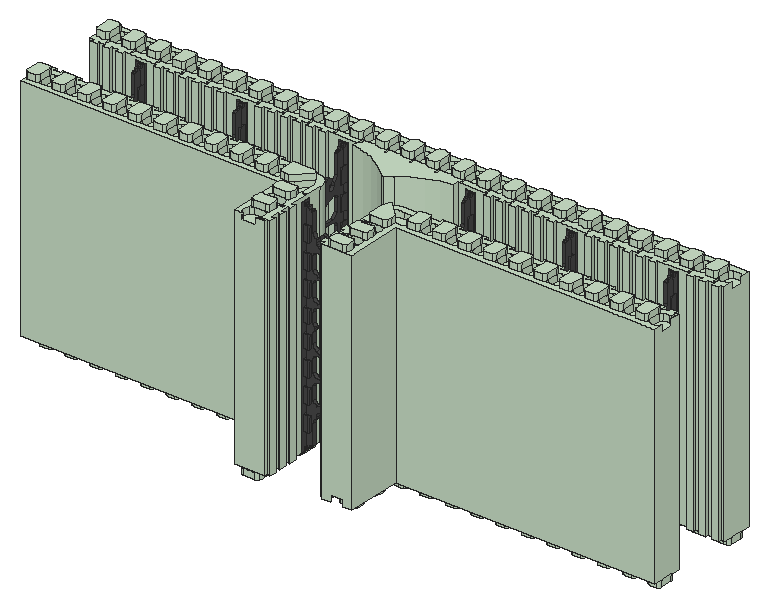
Revit family (continued)
Nested families (in)
  nested 104: "NUDURA Diamond Pattern" at (-25, 9.25254, 0), type "NUDURA Diamond Pattern"
  nested 105: "NUDURA Diamond Pattern" at (-17, 9.25254, 0), type "NUDURA Diamond Pattern"
  nested 106: "NUDURA Diamond Pattern" at (17, -1.99746, 0) x (-1, 0, 0) z (0, 0, 1), type "NUDURA Diamond Pattern"
  nested 107: "NUDURA Diamond Pattern" at (25, -1.99746, 0) x (-1, 0, 0) z (0, 0, 1), type "NUDURA Diamond Pattern"
  nested 108: "NUDURA Logo Diamond" at (9.00256, -5.62244, 0), type "NUDURA Logo Diamond"
  nested 109: "NUDURA Logo Diamond" at (-32.99744, -5.62244, 0), type "NUDURA Logo Diamond"
  nested 110: "NUDURA Diamond Pattern" at (-17, 0.00256, 0), type "NUDURA Diamond Pattern"
  nested 111: "NUDURA Diamond Pattern" at (9, 0.00256, 0), type "NUDURA Diamond Pattern"
  nested 112: "NUDURA Diamond Pattern Missing Left Line" at (1, 0.00256, 0), type "NUDURA Diamond Pattern missing left line"
  nested 113: "4-inch Insert Web" at (-21, -1, 0), type "4-inch Insert Web"
  nested 114: "4-inch Insert Web" at (-13, -1, 0), type "4-inch Insert Web"
  nested 115: "4-inch Insert Web" at (-5, -1, 0), type "4-inch Insert Web"
  nested 116: "4-inch Insert Web" at (5, -1, 0), type "4-inch Insert Web"
  nested 117: "4-inch Insert Web" at (13, -1, 0), type "4-inch Insert Web"
  nested 118: "4-inch Insert Web" at (21, -1, 0), type "4-inch Insert Web"
  nested 119: "4-inch Insert Web" at (0, -5.99998, 0) x (0, 1, 0) z (0, 0, 1), type "4-inch Insert Web"
Definition of nested family "Interlock Tooth"
  Reference planes (in)
    plane 1 "Center (Front/Back)": y = 0
    plane 2: z = 0
    plane 3 "Center (Left/Right)": x = 0
    plane 4: z = 18
    plane 5: z = 18.5
    plane 6: z = -0.5
  Forms (in)
    Extrusion 1, solid, material "NUDURA Expanded Polystyrene Foam Insulation"
      sketch origin (0, -8.875, 0) x (1, 0, 0) y (0, 1, 0)
        loop
          arc (0, 3.97692) -> (0.04785, 3.82983) -> (0.17308, 3.73905) r 0.25
          arc (0.17308, 3.73905) -> (0.5, 3.6875) -> (0.82692, 3.73905) r 1.0625
          arc (0.82692, 3.73905) -> (0.95215, 3.82983) -> (1, 3.97692) r 0.25
          line (1, 3.97692) -> (1, 4.89808)
          arc (1, 4.89808) -> (0.95215, 5.04517) -> (0.82692, 5.13595) r 0.25
          arc (0.82692, 5.13595) -> (0.5, 5.1875) -> (0.17308, 5.13595) r 1.0625
          arc (0.17308, 5.13595) -> (0.04785, 5.04517) -> (0, 4.89808) r 0.25
          line (0, 4.89808) -> (0, 3.97692)
      from 18 to 18.5
  Dimensions and locks (in)
    locked: plane 4 to level at 18
    locked: plane 4 to plane 5 at 0.5
    locked: plane 6 to level at 0.5
Definition of nested family "4-inch Insert Web"
  Reference planes (in)
    plane 1 "Center (Front/Back)": y = 0
    plane 2: z = 0
    plane 3 "Center (Left/Right)": x = 0
  Forms (in)
    Extrusion 1, solid, material "High Density Polystyrene"
      sketch origin (0, 0, 0) x (0, 1, 0) y (0, 0, 1)
        loop
          line (2.25, 0) -> (2.25, 17.74583)
          arc (2.25, 17.74583) -> (2.22112, 17.72608) -> (2.21, 17.69292) r 0.055
          line (2.21, 17.69292) -> (2.21, 0.05292)
          arc (2.21, 0.05292) -> (2.22112, 0.01975) -> (2.25, 0) r 0.055
        loop
          arc (-2.25, 0) -> (-2.22112, 0.01975) -> (-2.21, 0.05292) r 0.055
          line (-2.21, 0.05292) -> (-2.21, 17.69292)
          arc (-2.21, 17.69292) -> (-2.22112, 17.72608) -> (-2.25, 17.74583) r 0.055
          line (-2.25, 17.74583) -> (-2.25, 0)
      from 0.36328 to -0.36328
    Extrusion 2, solid, material "High Density Polystyrene"
      sketch origin (0, 0, 0) x (0, 1, 0) y (0, 0, 1)
        loop
          arc (2.18889, 17.40785) -> (2.20374, 17.40241) -> (2.21, 17.38789) r 0.02
          line (2.21, 17.38789) -> (2.21, 17.63668)
          arc (2.21, 17.63668) -> (2.20585, 17.62147) -> (2.19457, 17.61045) r 0.03
          line (2.19457, 17.61045) -> (2.12543, 17.57204)
          arc (2.12543, 17.57204) -> (2.11414, 17.56103) -> (2.11, 17.54582) r 0.03
          line (2.11, 17.54582) -> (2.11, 17.42461)
          arc (2.11, 17.42461) -> (2.11625, 17.41008) -> (2.13111, 17.40464) r 0.02
          line (2.13111, 17.40464) -> (2.18889, 17.40785)
        loop
          line (-2.12543, 17.57204) -> (-2.19457, 17.61045)
          arc (-2.19457, 17.61045) -> (-2.20585, 17.62147) -> (-2.21, 17.63668) r 0.03
          line (-2.21, 17.63668) -> (-2.21, 17.38789)
          arc (-2.21, 17.38789) -> (-2.20374, 17.40241) -> (-2.18889, 17.40785) r 0.02
          line (-2.18889, 17.40785) -> (-2.13111, 17.40464)
          arc (-2.13111, 17.40464) -> (-2.11625, 17.41008) -> (-2.11, 17.42461) r 0.02
          line (-2.11, 17.42461) -> (-2.11, 17.54582)
          arc (-2.11, 17.54582) -> (-2.11414, 17.56103) -> (-2.12543, 17.57204) r 0.03
        loop
          line (2.18889, 0.33798) -> (2.13111, 0.34119)
          arc (2.13111, 0.34119) -> (2.11625, 0.33575) -> (2.11, 0.32122) r 0.02
          line (2.11, 0.32122) -> (2.11, 0.20001)
          arc (2.11, 0.20001) -> (2.11414, 0.1848) -> (2.12543, 0.17379) r 0.03
          line (2.12543, 0.17379) -> (2.19457, 0.13538)
          arc (2.19457, 0.13538) -> (2.20585, 0.12437) -> (2.21, 0.10915) r 0.03
          line (2.21, 0.10915) -> (2.21, 0.35795)
          arc (2.21, 0.35795) -> (2.20374, 0.34342) -> (2.18889, 0.33798) r 0.02
        loop
          arc (-2.12543, 0.17379) -> (-2.11414, 0.1848) -> (-2.11, 0.20001) r 0.03
          line (-2.11, 0.20001) -> (-2.11, 0.32122)
          arc (-2.11, 0.32122) -> (-2.11625, 0.33575) -> (-2.13111, 0.34119) r 0.02
          line (-2.13111, 0.34119) -> (-2.18889, 0.33798)
          arc (-2.18889, 0.33798) -> (-2.20374, 0.34342) -> (-2.21, 0.35795) r 0.02
          line (-2.21, 0.35795) -> (-2.21, 0.10915)
          arc (-2.21, 0.10915) -> (-2.20585, 0.12437) -> (-2.19457, 0.13538) r 0.03
          line (-2.19457, 0.13538) -> (-2.12543, 0.17379)
        loop
          line (2, 17.20772) -> (1.925, 17.43772)
          arc (1.925, 17.43772) -> (1.875, 17.46772) -> (1.825, 17.43772) r 0.05667
          line (1.825, 17.43772) -> (1.77609, 17.28772) -> (1.64893, 17.28772)
          arc (1.64893, 17.28772) -> (1.61433, 17.27339) -> (1.6, 17.2388) r 0.04893
          line (1.6, 17.2388) -> (1.6, 17.20772) -> (1.5, 17.20772) -> (1.5, 15.75595)
          arc (1.5, 15.75595) -> (1.43087, 15.489) -> (1.24086, 15.28915) r 0.55
          arc (1.24086, 15.28915) -> (1.19232, 15.23289) -> (1.1843, 15.15901) r 0.125
          arc (1.1843, 15.15901) -> (0.73923, 14.83241) -> (0.77171, 15.3835) r 0.305
          arc (0.77171, 15.3835) -> (0.88403, 15.69146) -> (0.56557, 15.7692) r 0.22
          arc (0.56557, 15.7692) -> (0.29606, 15.63872) -> (0, 15.59389) r 1
          arc (0, 15.59389) -> (-0.29606, 15.63872) -> (-0.56557, 15.7692) r 1
          arc (-0.56557, 15.7692) -> (-0.88403, 15.69146) -> (-0.77171, 15.3835) r 0.22
          arc (-0.77171, 15.3835) -> (-0.73923, 14.83241) -> (-1.1843, 15.15901) r 0.305
          arc (-1.1843, 15.15901) -> (-1.19232, 15.23289) -> (-1.24086, 15.28915) r 0.125
          arc (-1.24086, 15.28915) -> (-1.43087, 15.489) -> (-1.5, 15.75595) r 0.55
          line (-1.5, 15.75595) -> (-1.5, 17.20772) -> (-1.6, 17.20772) -> (-1.6, 17.2388)
          arc (-1.6, 17.2388) -> (-1.61433, 17.27339) -> (-1.64893, 17.28772) r 0.04893
          line (-1.64893, 17.28772) -> (-1.77609, 17.28772) -> (-1.825, 17.43772)
          arc (-1.825, 17.43772) -> (-1.875, 17.46772) -> (-1.925, 17.43772) r 0.05667
          line (-1.925, 17.43772) -> (-2, 17.20772) -> (-2, 0.66519) -> (-1.925, 0.43519)
          arc (-1.925, 0.43519) -> (-1.875, 0.40519) -> (-1.825, 0.43519) r 0.05667
          line (-1.825, 0.43519) -> (-1.77609, 0.58519) -> (-1.64893, 0.58519)
          arc (-1.64893, 0.58519) -> (-1.61433, 0.59952) -> (-1.6, 0.63412) r 0.04893
          line (-1.6, 0.63412) -> (-1.6, 0.66519) -> (-1.5, 0.66519) -> (-1.5, 2.24405)
          arc (-1.5, 2.24405) -> (-1.43087, 2.511) -> (-1.24086, 2.71085) r 0.55
          arc (-1.24086, 2.71085) -> (-1.19232, 2.76711) -> (-1.1843, 2.84099) r 0.125
          arc (-1.1843, 2.84099) -> (-0.73923, 3.16759) -> (-0.77171, 2.6165) r 0.305
          arc (-0.77171, 2.6165) -> (-0.88403, 2.30854) -> (-0.56557, 2.2308) r 0.22
          arc (-0.56557, 2.2308) -> (-0.29606, 2.36128) -> (0, 2.40611) r 1
          arc (0, 2.40611) -> (0.29606, 2.36128) -> (0.56557, 2.2308) r 1
          arc (0.56557, 2.2308) -> (0.88403, 2.30854) -> (0.77171, 2.6165) r 0.22
          arc (0.77171, 2.6165) -> (0.73923, 3.16759) -> (1.1843, 2.84099) r 0.305
          arc (1.1843, 2.84099) -> (1.19232, 2.76711) -> (1.24086, 2.71085) r 0.125
          arc (1.24086, 2.71085) -> (1.43087, 2.511) -> (1.5, 2.24405) r 0.55
          line (1.5, 2.24405) -> (1.5, 0.66519) -> (1.6, 0.66519) -> (1.6, 0.63412)
          arc (1.6, 0.63412) -> (1.61433, 0.59952) -> (1.64893, 0.58519) r 0.04893
          line (1.64893, 0.58519) -> (1.77609, 0.58519) -> (1.825, 0.43519)
          arc (1.825, 0.43519) -> (1.875, 0.40519) -> (1.925, 0.43519) r 0.05667
          line (1.925, 0.43519) -> (2, 0.66519) -> (2, 17.20772)
        loop
          line (1.103, 14.44673) -> (0.32953, 14.08475)
          arc (0.32953, 14.08475) -> (0.17093, 13.84564) -> (0.06, 13.58104) r 1.52295
          line (0.06, 13.58104) -> (0.06, 13.02037)
          arc (0.06, 13.02037) -> (0.17285, 12.82194) -> (0.3725, 12.71127) r 0.42217
          line (0.3725, 12.71127) -> (1.125, 12.71127)
          arc (1.125, 12.71127) -> (1.35049, 12.86078) -> (1.5, 13.08627) r 0.68126
          line (1.5, 13.08627) -> (1.5, 14.11451)
          arc (1.5, 14.11451) -> (1.35557, 14.34523) -> (1.103, 14.44673) r 0.43974
        loop
          arc (-1.103, 14.44673) -> (-1.35557, 14.34523) -> (-1.5, 14.11451) r 0.43974
          line (-1.5, 14.11451) -> (-1.5, 13.08627)
          arc (-1.5, 13.08627) -> (-1.35049, 12.86078) -> (-1.125, 12.71127) r 0.68126
          line (-1.125, 12.71127) -> (-0.3725, 12.71127)
          arc (-0.3725, 12.71127) -> (-0.17285, 12.82194) -> (-0.06, 13.02037) r 0.42217
          line (-0.06, 13.02037) -> (-0.06, 13.58104)
          arc (-0.06, 13.58104) -> (-0.17093, 13.84564) -> (-0.32953, 14.08475) r 1.52295
          line (-0.32953, 14.08475) -> (-1.103, 14.44673)
        loop
          arc (1.103, 10.7958) -> (1.35557, 10.89731) -> (1.5, 11.12803) r 0.43974
          line (1.5, 11.12803) -> (1.5, 12.15627)
          arc (1.5, 12.15627) -> (1.35049, 12.38175) -> (1.125, 12.53127) r 0.68126
          line (1.125, 12.53127) -> (0.3725, 12.53127)
          arc (0.3725, 12.53127) -> (0.17285, 12.42059) -> (0.06, 12.22217) r 0.42217
          line (0.06, 12.22217) -> (0.06, 11.6615)
          arc (0.06, 11.6615) -> (0.17093, 11.39689) -> (0.32953, 11.15779) r 1.52295
          line (0.32953, 11.15779) -> (1.103, 10.7958)
        loop
          line (-1.103, 10.7958) -> (-0.32953, 11.15779)
          arc (-0.32953, 11.15779) -> (-0.17093, 11.39689) -> (-0.06, 11.6615) r 1.52295
          line (-0.06, 11.6615) -> (-0.06, 12.22217)
          arc (-0.06, 12.22217) -> (-0.17285, 12.42059) -> (-0.3725, 12.53127) r 0.42217
          line (-0.3725, 12.53127) -> (-1.125, 12.53127)
          arc (-1.125, 12.53127) -> (-1.35049, 12.38175) -> (-1.5, 12.15627) r 0.68126
          line (-1.5, 12.15627) -> (-1.5, 11.12803)
          arc (-1.5, 11.12803) -> (-1.35557, 10.89731) -> (-1.103, 10.7958) r 0.43974
        loop
          arc (0.42388, 10.91489) -> (0.21712, 10.98532) -> (0, 11.00917) r 1
          arc (0, 11.00917) -> (-0.21712, 10.98532) -> (-0.42388, 10.91489) r 1
          line (-0.42388, 10.91489) -> (-1.21194, 10.54608)
          arc (-1.21194, 10.54608) -> (-1.42188, 10.36158) -> (-1.5, 10.09322) r 0.5
          line (-1.5, 10.09322) -> (-1.5, 9.31235) -> (-1.38, 9.11235) -> (-1.38, 9) -> (-1.38, 8.88765) -> (-1.5, 8.68765) -> (-1.5, 7.90678)
          arc (-1.5, 7.90678) -> (-1.42188, 7.63842) -> (-1.21194, 7.45392) r 0.5
          line (-1.21194, 7.45392) -> (-0.42388, 7.08511)
          arc (-0.42388, 7.08511) -> (-0.21712, 7.01468) -> (0, 6.99083) r 1
          arc (0, 6.99083) -> (0.21712, 7.01468) -> (0.42388, 7.08511) r 1
          line (0.42388, 7.08511) -> (1.21194, 7.45392)
          arc (1.21194, 7.45392) -> (1.42188, 7.63842) -> (1.5, 7.90678) r 0.5
          line (1.5, 7.90678) -> (1.5, 8.68765) -> (1.38, 8.88765) -> (1.38, 9) -> (1.38, 9.11235) -> (1.5, 9.31235) -> (1.5, 10.09322)
          arc (1.5, 10.09322) -> (1.42188, 10.36158) -> (1.21194, 10.54608) r 0.5
          line (1.21194, 10.54608) -> (0.42388, 10.91489)
        loop
          arc (1.103, 3.55327) -> (1.35557, 3.65477) -> (1.5, 3.88549) r 0.43974
          line (1.5, 3.88549) -> (1.5, 4.91373)
          arc (1.5, 4.91373) -> (1.35049, 5.13922) -> (1.125, 5.28873) r 0.68126
          line (1.125, 5.28873) -> (0.3725, 5.28873)
          arc (0.3725, 5.28873) -> (0.17285, 5.17806) -> (0.06, 4.97963) r 0.42217
          line (0.06, 4.97963) -> (0.06, 4.41896)
          arc (0.06, 4.41896) -> (0.17093, 4.15436) -> (0.32953, 3.91525) r 1.52295
          line (0.32953, 3.91525) -> (1.103, 3.55327)
        loop
          line (-1.103, 3.55327) -> (-0.32953, 3.91525)
          arc (-0.32953, 3.91525) -> (-0.17093, 4.15436) -> (-0.06, 4.41896) r 1.52295
          line (-0.06, 4.41896) -> (-0.06, 4.97963)
          arc (-0.06, 4.97963) -> (-0.17285, 5.17806) -> (-0.3725, 5.28873) r 0.42217
          line (-0.3725, 5.28873) -> (-1.125, 5.28873)
          arc (-1.125, 5.28873) -> (-1.35049, 5.13922) -> (-1.5, 4.91373) r 0.68126
          line (-1.5, 4.91373) -> (-1.5, 3.88549)
          arc (-1.5, 3.88549) -> (-1.35557, 3.65477) -> (-1.103, 3.55327) r 0.43974
        loop
          line (1.103, 7.2042) -> (0.32953, 6.84221)
          arc (0.32953, 6.84221) -> (0.17093, 6.60311) -> (0.06, 6.3385) r 1.52295
          line (0.06, 6.3385) -> (0.06, 5.77783)
          arc (0.06, 5.77783) -> (0.17285, 5.57941) -> (0.3725, 5.46873) r 0.42217
          line (0.3725, 5.46873) -> (1.125, 5.46873)
          arc (1.125, 5.46873) -> (1.35049, 5.61825) -> (1.5, 5.84373) r 0.68126
          line (1.5, 5.84373) -> (1.5, 6.87197)
          arc (1.5, 6.87197) -> (1.35557, 7.10269) -> (1.103, 7.2042) r 0.43974
        loop
          arc (-1.103, 7.2042) -> (-1.35557, 7.10269) -> (-1.5, 6.87197) r 0.43974
          line (-1.5, 6.87197) -> (-1.5, 5.84373)
          arc (-1.5, 5.84373) -> (-1.35049, 5.61825) -> (-1.125, 5.46873) r 0.68126
          line (-1.125, 5.46873) -> (-0.3725, 5.46873)
          arc (-0.3725, 5.46873) -> (-0.17285, 5.57941) -> (-0.06, 5.77783) r 0.42217
          line (-0.06, 5.77783) -> (-0.06, 6.3385)
          arc (-0.06, 6.3385) -> (-0.17093, 6.60311) -> (-0.32953, 6.84221) r 1.52295
          line (-0.32953, 6.84221) -> (-1.103, 7.2042)
      from 0.125 to -0.125
    Extrusion 3, solid, material "High Density Polystyrene"
      sketch origin (0, 0, 0) x (0, 1, 0) y (0, 0, 1)
        loop
          line (2.21, 16.17792) -> (1.71, 16.17792) -> (1.71, 14.97792) -> (2.21, 14.97792) -> (2.21, 16.17792)
        loop
          line (2.21, 14.22792) -> (1.71, 14.22792) -> (1.71, 13.02792) -> (2.21, 13.02792) -> (2.21, 14.22792)
        loop
          line (2.21, 12.27792) -> (1.71, 12.27792) -> (1.71, 11.07792) -> (2.21, 11.07792) -> (2.21, 12.27792)
        loop
          line (2.21, 10.32792) -> (1.71, 10.32792) -> (1.71, 9.24792) -> (2.21, 9.24792) -> (2.21, 10.32792)
        loop
          line (2.21, 8.49792) -> (1.71, 8.49792) -> (1.71, 7.41792) -> (2.21, 7.41792) -> (2.21, 8.49792)
        loop
          line (2.21, 6.66792) -> (1.71, 6.66792) -> (1.71, 5.46792) -> (2.21, 5.46792) -> (2.21, 6.66792)
        loop
          line (2.21, 4.71792) -> (1.71, 4.71792) -> (1.71, 3.51792) -> (2.21, 3.51792) -> (2.21, 4.71792)
        loop
          line (2.21, 2.76792) -> (1.71, 2.76792) -> (1.71, 1.56792) -> (2.21, 1.56792) -> (2.21, 2.76792)
        loop
          line (-2.21, 16.17792) -> (-2.21, 14.97792) -> (-1.71, 14.97792) -> (-1.71, 16.17792) -> (-2.21, 16.17792)
        loop
          line (-2.21, 14.22792) -> (-2.21, 13.02792) -> (-1.71, 13.02792) -> (-1.71, 14.22792) -> (-2.21, 14.22792)
        loop
          line (-2.21, 12.27792) -> (-2.21, 11.07792) -> (-1.71, 11.07792) -> (-1.71, 12.27792) -> (-2.21, 12.27792)
        loop
          line (-2.21, 10.32792) -> (-2.21, 9.24792) -> (-1.71, 9.24792) -> (-1.71, 10.32792) -> (-2.21, 10.32792)
        loop
          line (-2.21, 8.49792) -> (-2.21, 7.41792) -> (-1.71, 7.41792) -> (-1.71, 8.49792) -> (-2.21, 8.49792)
        loop
          line (-2.21, 6.66792) -> (-2.21, 5.46792) -> (-1.71, 5.46792) -> (-1.71, 6.66792) -> (-2.21, 6.66792)
        loop
          line (-2.21, 4.71792) -> (-2.21, 3.51792) -> (-1.71, 3.51792) -> (-1.71, 4.71792) -> (-2.21, 4.71792)
        loop
          line (-2.21, 2.76792) -> (-2.21, 1.56792) -> (-1.71, 1.56792) -> (-1.71, 2.76792) -> (-2.21, 2.76792)
      from 0.25 to -0.25
    Extrusion 4, void
      sketch origin (0, -1, 0) x (1, 0, 0) y (0, 1, 0)
        loop
          line (-0.25, 2.79249) -> (-0.25, 2.71) -> (-0.1675, 2.71)
          arc (-0.1675, 2.71) -> (-0.22584, 2.73416) -> (-0.25, 2.79249) r 0.0825
      from 0 to 18
    Extrusion 5, void
      sketch origin (0, -1, 0) x (-1, 0, 0) y (0, -1, 0)
        loop
          arc (-0.25, -2.79249) -> (-0.22584, -2.73416) -> (-0.1675, -2.71) r 0.0825
          line (-0.1675, -2.71) -> (-0.25, -2.71) -> (-0.25, -2.79249)
      from 0 to 18
    Extrusion 6, void
      sketch origin (0, 1, 0) x (1, 0, 0) y (0, 1, 0)
        loop
          arc (-0.25, -2.79249) -> (-0.22584, -2.73416) -> (-0.1675, -2.71) r 0.0825
          line (-0.1675, -2.71) -> (-0.25, -2.71) -> (-0.25, -2.79249)
      from 0 to 18
    Extrusion 7, void
      sketch origin (0, 1, 0) x (-1, 0, 0) y (0, -1, 0)
        loop
          line (-0.25, 2.79249) -> (-0.25, 2.71) -> (-0.1675, 2.71)
          arc (-0.1675, 2.71) -> (-0.22584, 2.73416) -> (-0.25, 2.79249) r 0.0825
      from 0 to 18
  Cuts and joins
    Extrusion 4, Extrusion 5, Extrusion 6, Extrusion 7 cuts Extrusion 1
    Extrusion 4, Extrusion 5, Extrusion 6, Extrusion 7 cuts Extrusion 3
Definition of nested family "NUDURA Diamond Pattern Missing Two Lines"
  Reference planes (in)
    plane 1 "Center (Front/Back)": y = 0
    plane 2: z = 0
    plane 3 "Center (Left/Right)": x = 0
    plane 4: z = 18
  Lines and regions (in)
    model lines
      curve 1: line (2, -5.625, 18) -> (2, -5.625, 0)
      curve 2: line (3.35367, -5.625, 16.98484) -> (3.69709, -5.625, 16.64142)
      curve 3: arc (3.35367, -5.625, 17.51517) -> (3.24384, -5.625, 17.25) -> (3.35367, -5.625, 16.98484) r 0.375
      curve 4: line (3.72867, -5.625, 17.89017) -> (3.35367, -5.625, 17.51517)
      curve 5: arc (4.259, -5.625, 17.89017) -> (3.99384, -5.625, 18) -> (3.72867, -5.625, 17.89017) r 0.375
      curve 6: line (4.634, -5.625, 17.51517) -> (4.259, -5.625, 17.89017)
      curve 7: arc (4.634, -5.625, 16.98484) -> (4.74384, -5.625, 17.25) -> (4.634, -5.625, 17.51517) r 0.375
      curve 8: line (4.29059, -5.625, 16.64142) -> (4.634, -5.625, 16.98484)
      curve 9: arc (4.17062, -5.625, 17.80178) -> (3.99384, -5.625, 17.875) -> (3.81706, -5.625, 17.80178) r 0.25
      curve 10: line (4.54562, -5.625, 17.42678) -> (4.17062, -5.625, 17.80178)
      curve 11: arc (4.54562, -5.625, 17.07322) -> (4.61884, -5.625, 17.25) -> (4.54562, -5.625, 17.42678) r 0.25
      curve 12: line (4.17062, -5.625, 16.69822) -> (4.54562, -5.625, 17.07322)
      curve 13: arc (3.81706, -5.625, 16.69822) -> (3.99384, -5.625, 16.625) -> (4.17062, -5.625, 16.69822) r 0.25
      curve 14: line (3.44206, -5.625, 17.07322) -> (3.81706, -5.625, 16.69822)
      curve 15: arc (3.44206, -5.625, 17.42678) -> (3.36884, -5.625, 17.25) -> (3.44206, -5.625, 17.07322) r 0.25
      curve 16: line (3.81706, -5.625, 17.80178) -> (3.44206, -5.625, 17.42678)
      curve 17: arc (3.69709, -5.625, 16.35858) -> (3.75567, -5.625, 16.5) -> (3.69709, -5.625, 16.64142) r 0.2
      curve 18: line (4.634, -5.625, 16.01517) -> (4.29059, -5.625, 16.35858)
      curve 19: arc (4.634, -5.625, 15.48484) -> (4.74384, -5.625, 15.75) -> (4.634, -5.625, 16.01517) r 0.375
      curve 20: line (4.29059, -5.625, 15.14142) -> (4.634, -5.625, 15.48484)
      curve 21: line (3.35367, -5.625, 15.48484) -> (3.69709, -5.625, 15.14142)
      curve 22: arc (3.35367, -5.625, 16.01517) -> (3.24384, -5.625, 15.75) -> (3.35367, -5.625, 15.48484) r 0.375
      curve 23: line (3.69709, -5.625, 16.35858) -> (3.35367, -5.625, 16.01517)
      curve 24: arc (4.17062, -5.625, 16.30178) -> (3.99384, -5.625, 16.375) -> (3.81706, -5.625, 16.30178) r 0.25
      curve 25: line (3.81706, -5.625, 16.30178) -> (3.44206, -5.625, 15.92678)
      curve 26: arc (3.44206, -5.625, 15.92678) -> (3.36884, -5.625, 15.75) -> (3.44206, -5.625, 15.57322) r 0.25
      curve 27: line (3.44206, -5.625, 15.57322) -> (3.81706, -5.625, 15.19822)
      curve 28: arc (3.81706, -5.625, 15.19822) -> (3.99384, -5.625, 15.125) -> (4.17062, -5.625, 15.19822) r 0.25
      curve 29: line (4.17062, -5.625, 15.19822) -> (4.54562, -5.625, 15.57322)
      curve 30: arc (4.54562, -5.625, 15.57322) -> (4.61884, -5.625, 15.75) -> (4.54562, -5.625, 15.92678) r 0.25
      curve 31: line (4.54562, -5.625, 15.92678) -> (4.17062, -5.625, 16.30178)
      curve 32: arc (3.69709, -5.625, 14.85858) -> (3.75567, -5.625, 15) -> (3.69709, -5.625, 15.14142) r 0.2
      curve 33: line (4.634, -5.625, 14.51517) -> (4.29059, -5.625, 14.85858)
      curve 34: arc (4.634, -5.625, 13.98484) -> (4.74384, -5.625, 14.25) -> (4.634, -5.625, 14.51517) r 0.375
      curve 35: line (4.29059, -5.625, 13.64142) -> (4.634, -5.625, 13.98484)
      curve 36: line (3.35367, -5.625, 13.98484) -> (3.69709, -5.625, 13.64142)
      curve 37: arc (3.35367, -5.625, 14.51517) -> (3.24384, -5.625, 14.25) -> (3.35367, -5.625, 13.98484) r 0.375
      curve 38: line (3.69709, -5.625, 14.85858) -> (3.35367, -5.625, 14.51517)
      curve 39: arc (4.17062, -5.625, 14.80178) -> (3.99384, -5.625, 14.875) -> (3.81706, -5.625, 14.80178) r 0.25
      curve 40: line (3.81706, -5.625, 14.80178) -> (3.44206, -5.625, 14.42678)
      curve 41: arc (3.44206, -5.625, 14.42678) -> (3.36884, -5.625, 14.25) -> (3.44206, -5.625, 14.07322) r 0.25
      curve 42: line (3.44206, -5.625, 14.07322) -> (3.81706, -5.625, 13.69822)
      curve 43: arc (3.81706, -5.625, 13.69822) -> (3.99384, -5.625, 13.625) -> (4.17062, -5.625, 13.69822) r 0.25
      curve 44: line (4.17062, -5.625, 13.69822) -> (4.54562, -5.625, 14.07322)
      curve 45: arc (4.54562, -5.625, 14.07322) -> (4.61884, -5.625, 14.25) -> (4.54562, -5.625, 14.42678) r 0.25
      curve 46: line (4.54562, -5.625, 14.42678) -> (4.17062, -5.625, 14.80178)
      curve 47: arc (3.69709, -5.625, 13.35858) -> (3.75567, -5.625, 13.5) -> (3.69709, -5.625, 13.64142) r 0.2
      curve 48: line (4.634, -5.625, 13.01517) -> (4.29059, -5.625, 13.35858)
      curve 49: arc (4.634, -5.625, 12.48484) -> (4.74384, -5.625, 12.75) -> (4.634, -5.625, 13.01517) r 0.375
      curve 50: line (4.29059, -5.625, 12.14142) -> (4.634, -5.625, 12.48484)
      curve 51: line (3.35367, -5.625, 12.48484) -> (3.69709, -5.625, 12.14142)
      curve 52: arc (3.35367, -5.625, 13.01517) -> (3.24384, -5.625, 12.75) -> (3.35367, -5.625, 12.48484) r 0.375
      curve 53: line (3.69709, -5.625, 13.35858) -> (3.35367, -5.625, 13.01517)
      curve 54: arc (4.17062, -5.625, 13.30178) -> (3.99384, -5.625, 13.375) -> (3.81706, -5.625, 13.30178) r 0.25
      curve 55: line (3.81706, -5.625, 13.30178) -> (3.44206, -5.625, 12.92678)
      curve 56: arc (3.44206, -5.625, 12.92678) -> (3.36884, -5.625, 12.75) -> (3.44206, -5.625, 12.57322) r 0.25
      curve 57: line (3.44206, -5.625, 12.57322) -> (3.81706, -5.625, 12.19822)
      curve 58: arc (3.81706, -5.625, 12.19822) -> (3.99384, -5.625, 12.125) -> (4.17062, -5.625, 12.19822) r 0.25
      curve 59: line (4.17062, -5.625, 12.19822) -> (4.54562, -5.625, 12.57322)
      curve 60: arc (4.54562, -5.625, 12.57322) -> (4.61884, -5.625, 12.75) -> (4.54562, -5.625, 12.92678) r 0.25
      curve 61: line (4.54562, -5.625, 12.92678) -> (4.17062, -5.625, 13.30178)
      curve 62: arc (3.69709, -5.625, 11.85858) -> (3.75567, -5.625, 12) -> (3.69709, -5.625, 12.14142) r 0.2
      curve 63: line (4.634, -5.625, 11.51517) -> (4.29059, -5.625, 11.85858)
      curve 64: arc (4.634, -5.625, 10.98484) -> (4.74384, -5.625, 11.25) -> (4.634, -5.625, 11.51517) r 0.375
      curve 65: line (4.29059, -5.625, 10.64142) -> (4.634, -5.625, 10.98484)
      curve 66: line (3.35367, -5.625, 10.98484) -> (3.69709, -5.625, 10.64142)
      curve 67: arc (3.35367, -5.625, 11.51517) -> (3.24384, -5.625, 11.25) -> (3.35367, -5.625, 10.98484) r 0.375
      curve 68: line (3.69709, -5.625, 11.85858) -> (3.35367, -5.625, 11.51517)
      curve 69: arc (4.17062, -5.625, 11.80178) -> (3.99384, -5.625, 11.875) -> (3.81706, -5.625, 11.80178) r 0.25
      curve 70: line (3.81706, -5.625, 11.80178) -> (3.44206, -5.625, 11.42678)
      curve 71: arc (3.44206, -5.625, 11.42678) -> (3.36884, -5.625, 11.25) -> (3.44206, -5.625, 11.07322) r 0.25
      curve 72: line (3.44206, -5.625, 11.07322) -> (3.81706, -5.625, 10.69822)
      curve 73: arc (3.81706, -5.625, 10.69822) -> (3.99384, -5.625, 10.625) -> (4.17062, -5.625, 10.69822) r 0.25
      curve 74: line (4.17062, -5.625, 10.69822) -> (4.54562, -5.625, 11.07322)
      curve 75: arc (4.54562, -5.625, 11.07322) -> (4.61884, -5.625, 11.25) -> (4.54562, -5.625, 11.42678) r 0.25
      curve 76: line (4.54562, -5.625, 11.42678) -> (4.17062, -5.625, 11.80178)
      curve 77: arc (3.69709, -5.625, 10.35858) -> (3.75567, -5.625, 10.5) -> (3.69709, -5.625, 10.64142) r 0.2
      curve 78: line (4.634, -5.625, 10.01517) -> (4.29059, -5.625, 10.35858)
      curve 79: arc (4.634, -5.625, 9.48484) -> (4.74384, -5.625, 9.75) -> (4.634, -5.625, 10.01517) r 0.375
      curve 80: line (4.29059, -5.625, 9.14142) -> (4.634, -5.625, 9.48484)
      curve 81: line (3.35367, -5.625, 9.48484) -> (3.69709, -5.625, 9.14142)
      curve 82: arc (3.35367, -5.625, 10.01517) -> (3.24384, -5.625, 9.75) -> (3.35367, -5.625, 9.48484) r 0.375
      curve 83: line (3.69709, -5.625, 10.35858) -> (3.35367, -5.625, 10.01517)
      curve 84: arc (4.17062, -5.625, 10.30178) -> (3.99384, -5.625, 10.375) -> (3.81706, -5.625, 10.30178) r 0.25
      curve 85: line (3.81706, -5.625, 10.30178) -> (3.44206, -5.625, 9.92678)
      curve 86: arc (3.44206, -5.625, 9.92678) -> (3.36884, -5.625, 9.75) -> (3.44206, -5.625, 9.57322) r 0.25
      curve 87: line (3.44206, -5.625, 9.57322) -> (3.81706, -5.625, 9.19822)
      curve 88: arc (3.81706, -5.625, 9.19822) -> (3.99384, -5.625, 9.125) -> (4.17062, -5.625, 9.19822) r 0.25
      curve 89: line (4.17062, -5.625, 9.19822) -> (4.54562, -5.625, 9.57322)
      curve 90: arc (4.54562, -5.625, 9.57322) -> (4.61884, -5.625, 9.75) -> (4.54562, -5.625, 9.92678) r 0.25
      curve 91: line (4.54562, -5.625, 9.92678) -> (4.17062, -5.625, 10.30178)
      curve 92: arc (3.69709, -5.625, 8.85858) -> (3.75567, -5.625, 9) -> (3.69709, -5.625, 9.14142) r 0.2
      curve 93: line (4.634, -5.625, 8.51517) -> (4.29059, -5.625, 8.85858)
      curve 94: arc (4.634, -5.625, 7.98484) -> (4.74384, -5.625, 8.25) -> (4.634, -5.625, 8.51517) r 0.375
      curve 95: line (4.29059, -5.625, 7.64142) -> (4.634, -5.625, 7.98484)
      curve 96: line (3.35367, -5.625, 7.98484) -> (3.69709, -5.625, 7.64142)
      curve 97: arc (3.35367, -5.625, 8.51517) -> (3.24384, -5.625, 8.25) -> (3.35367, -5.625, 7.98484) r 0.375
      curve 98: line (3.69709, -5.625, 8.85858) -> (3.35367, -5.625, 8.51517)
      curve 99: arc (4.17062, -5.625, 8.80178) -> (3.99384, -5.625, 8.875) -> (3.81706, -5.625, 8.80178) r 0.25
      curve 100: line (3.81706, -5.625, 8.80178) -> (3.44206, -5.625, 8.42678)
      curve 101: arc (3.44206, -5.625, 8.42678) -> (3.36884, -5.625, 8.25) -> (3.44206, -5.625, 8.07322) r 0.25
      curve 102: line (3.44206, -5.625, 8.07322) -> (3.81706, -5.625, 7.69822)
      curve 103: arc (3.81706, -5.625, 7.69822) -> (3.99384, -5.625, 7.625) -> (4.17062, -5.625, 7.69822) r 0.25
      curve 104: line (4.17062, -5.625, 7.69822) -> (4.54562, -5.625, 8.07322)
      curve 105: arc (4.54562, -5.625, 8.07322) -> (4.61884, -5.625, 8.25) -> (4.54562, -5.625, 8.42678) r 0.25
      curve 106: line (4.54562, -5.625, 8.42678) -> (4.17062, -5.625, 8.80178)
      curve 107: arc (3.69709, -5.625, 7.35858) -> (3.75567, -5.625, 7.5) -> (3.69709, -5.625, 7.64142) r 0.2
      curve 108: line (4.634, -5.625, 7.01517) -> (4.29059, -5.625, 7.35858)
      curve 109: arc (4.634, -5.625, 6.48484) -> (4.74384, -5.625, 6.75) -> (4.634, -5.625, 7.01517) r 0.375
      curve 110: line (4.29059, -5.625, 6.14142) -> (4.634, -5.625, 6.48484)
      curve 111: line (3.35367, -5.625, 6.48484) -> (3.69709, -5.625, 6.14142)
      curve 112: arc (3.35367, -5.625, 7.01517) -> (3.24384, -5.625, 6.75) -> (3.35367, -5.625, 6.48484) r 0.375
      curve 113: line (3.69709, -5.625, 7.35858) -> (3.35367, -5.625, 7.01517)
      curve 114: arc (4.17062, -5.625, 7.30178) -> (3.99384, -5.625, 7.375) -> (3.81706, -5.625, 7.30178) r 0.25
      curve 115: line (3.81706, -5.625, 7.30178) -> (3.44206, -5.625, 6.92678)
      curve 116: arc (3.44206, -5.625, 6.92678) -> (3.36884, -5.625, 6.75) -> (3.44206, -5.625, 6.57322) r 0.25
      curve 117: line (3.44206, -5.625, 6.57322) -> (3.81706, -5.625, 6.19822)
      curve 118: arc (3.81706, -5.625, 6.19822) -> (3.99384, -5.625, 6.125) -> (4.17062, -5.625, 6.19822) r 0.25
      curve 119: line (4.17062, -5.625, 6.19822) -> (4.54562, -5.625, 6.57322)
      curve 120: arc (4.54562, -5.625, 6.57322) -> (4.61884, -5.625, 6.75) -> (4.54562, -5.625, 6.92678) r 0.25
      curve 121: line (4.54562, -5.625, 6.92678) -> (4.17062, -5.625, 7.30178)
      curve 122: arc (3.69709, -5.625, 5.85858) -> (3.75567, -5.625, 6) -> (3.69709, -5.625, 6.14142) r 0.2
      curve 123: line (4.634, -5.625, 5.51517) -> (4.29059, -5.625, 5.85858)
      curve 124: arc (4.634, -5.625, 4.98484) -> (4.74384, -5.625, 5.25) -> (4.634, -5.625, 5.51517) r 0.375
      curve 125: line (4.29059, -5.625, 4.64142) -> (4.634, -5.625, 4.98484)
      curve 126: line (3.35367, -5.625, 4.98484) -> (3.69709, -5.625, 4.64142)
      curve 127: arc (3.35367, -5.625, 5.51517) -> (3.24384, -5.625, 5.25) -> (3.35367, -5.625, 4.98484) r 0.375
      curve 128: line (3.69709, -5.625, 5.85858) -> (3.35367, -5.625, 5.51517)
      curve 129: arc (4.17062, -5.625, 5.80178) -> (3.99384, -5.625, 5.875) -> (3.81706, -5.625, 5.80178) r 0.25
      curve 130: line (3.81706, -5.625, 5.80178) -> (3.44206, -5.625, 5.42678)
      curve 131: arc (3.44206, -5.625, 5.42678) -> (3.36884, -5.625, 5.25) -> (3.44206, -5.625, 5.07322) r 0.25
      curve 132: line (3.44206, -5.625, 5.07322) -> (3.81706, -5.625, 4.69822)
      curve 133: arc (3.81706, -5.625, 4.69822) -> (3.99384, -5.625, 4.625) -> (4.17062, -5.625, 4.69822) r 0.25
      curve 134: line (4.17062, -5.625, 4.69822) -> (4.54562, -5.625, 5.07322)
      curve 135: arc (4.54562, -5.625, 5.07322) -> (4.61884, -5.625, 5.25) -> (4.54562, -5.625, 5.42678) r 0.25
      curve 136: line (4.54562, -5.625, 5.42678) -> (4.17062, -5.625, 5.80178)
      curve 137: arc (3.69709, -5.625, 4.35858) -> (3.75567, -5.625, 4.5) -> (3.69709, -5.625, 4.64142) r 0.2
      curve 138: line (4.634, -5.625, 4.01517) -> (4.29059, -5.625, 4.35858)
      curve 139: arc (4.634, -5.625, 3.48484) -> (4.74384, -5.625, 3.75) -> (4.634, -5.625, 4.01517) r 0.375
      curve 140: line (4.29059, -5.625, 3.14142) -> (4.634, -5.625, 3.48484)
      curve 141: line (3.35367, -5.625, 3.48484) -> (3.69709, -5.625, 3.14142)
      curve 142: arc (3.35367, -5.625, 4.01517) -> (3.24384, -5.625, 3.75) -> (3.35367, -5.625, 3.48484) r 0.375
      curve 143: line (3.69709, -5.625, 4.35858) -> (3.35367, -5.625, 4.01517)
      curve 144: arc (4.17062, -5.625, 4.30178) -> (3.99384, -5.625, 4.375) -> (3.81706, -5.625, 4.30178) r 0.25
      curve 145: line (3.81706, -5.625, 4.30178) -> (3.44206, -5.625, 3.92678)
      curve 146: arc (3.44206, -5.625, 3.92678) -> (3.36884, -5.625, 3.75) -> (3.44206, -5.625, 3.57322) r 0.25
      curve 147: line (3.44206, -5.625, 3.57322) -> (3.81706, -5.625, 3.19822)
      curve 148: arc (3.81706, -5.625, 3.19822) -> (3.99384, -5.625, 3.125) -> (4.17062, -5.625, 3.19822) r 0.25
      curve 149: line (4.17062, -5.625, 3.19822) -> (4.54562, -5.625, 3.57322)
      curve 150: arc (4.54562, -5.625, 3.57322) -> (4.61884, -5.625, 3.75) -> (4.54562, -5.625, 3.92678) r 0.25
      curve 151: line (4.54562, -5.625, 3.92678) -> (4.17062, -5.625, 4.30178)
      curve 152: arc (3.69709, -5.625, 2.85858) -> (3.75567, -5.625, 3) -> (3.69709, -5.625, 3.14142) r 0.2
      curve 153: line (4.634, -5.625, 2.51517) -> (4.29059, -5.625, 2.85858)
      curve 154: arc (4.634, -5.625, 1.98484) -> (4.74384, -5.625, 2.25) -> (4.634, -5.625, 2.51517) r 0.375
      curve 155: line (4.29059, -5.625, 1.64142) -> (4.634, -5.625, 1.98484)
      curve 156: line (3.35367, -5.625, 1.98484) -> (3.69709, -5.625, 1.64142)
      curve 157: arc (3.35367, -5.625, 2.51517) -> (3.24384, -5.625, 2.25) -> (3.35367, -5.625, 1.98484) r 0.375
      curve 158: line (3.69709, -5.625, 2.85858) -> (3.35367, -5.625, 2.51517)
      curve 159: arc (4.17062, -5.625, 2.80178) -> (3.99384, -5.625, 2.875) -> (3.81706, -5.625, 2.80178) r 0.25
      curve 160: line (3.81706, -5.625, 2.80178) -> (3.44206, -5.625, 2.42678)
      curve 161: arc (3.44206, -5.625, 2.42678) -> (3.36884, -5.625, 2.25) -> (3.44206, -5.625, 2.07322) r 0.25
      curve 162: line (3.44206, -5.625, 2.07322) -> (3.81706, -5.625, 1.69822)
      curve 163: arc (3.81706, -5.625, 1.69822) -> (3.99384, -5.625, 1.625) -> (4.17062, -5.625, 1.69822) r 0.25
      curve 164: line (4.17062, -5.625, 1.69822) -> (4.54562, -5.625, 2.07322)
      curve 165: arc (4.54562, -5.625, 2.07322) -> (4.61884, -5.625, 2.25) -> (4.54562, -5.625, 2.42678) r 0.25
      curve 166: line (4.54562, -5.625, 2.42678) -> (4.17062, -5.625, 2.80178)
      curve 167: arc (3.69709, -5.625, 1.35858) -> (3.75567, -5.625, 1.5) -> (3.69709, -5.625, 1.64142) r 0.2
      curve 168: line (3.69709, -5.625, 1.35858) -> (3.35367, -5.625, 1.01517)
      curve 169: arc (3.35367, -5.625, 1.01517) -> (3.24384, -5.625, 0.75) -> (3.35367, -5.625, 0.48484) r 0.375
      curve 170: line (3.35367, -5.625, 0.48484) -> (3.72867, -5.625, 0.10984)
      curve 171: arc (3.72867, -5.625, 0.10984) -> (3.99384, -5.625, 0) -> (4.259, -5.625, 0.10984) r 0.375
      curve 172: line (4.259, -5.625, 0.10984) -> (4.634, -5.625, 0.48484)
      curve 173: arc (4.634, -5.625, 0.48484) -> (4.74384, -5.625, 0.75) -> (4.634, -5.625, 1.01517) r 0.375
      curve 174: line (4.634, -5.625, 1.01517) -> (4.29059, -5.625, 1.35858)
      curve 175: arc (4.29059, -5.625, 1.64142) -> (4.23201, -5.625, 1.5) -> (4.29059, -5.625, 1.35858) r 0.2
      curve 176: arc (4.17062, -5.625, 1.30178) -> (3.99384, -5.625, 1.375) -> (3.81706, -5.625, 1.30178) r 0.25
      curve 177: line (4.54562, -5.625, 0.92678) -> (4.17062, -5.625, 1.30178)
      curve 178: arc (4.54562, -5.625, 0.57322) -> (4.61884, -5.625, 0.75) -> (4.54562, -5.625, 0.92678) r 0.25
      curve 179: line (4.17062, -5.625, 0.19822) -> (4.54562, -5.625, 0.57322)
      curve 180: arc (3.81706, -5.625, 0.19822) -> (3.99384, -5.625, 0.125) -> (4.17062, -5.625, 0.19822) r 0.25
      curve 181: line (3.44206, -5.625, 0.57322) -> (3.81706, -5.625, 0.19822)
      curve 182: arc (3.44206, -5.625, 0.92678) -> (3.36884, -5.625, 0.75) -> (3.44206, -5.625, 0.57322) r 0.25
      curve 183: line (3.81706, -5.625, 1.30178) -> (3.44206, -5.625, 0.92678)
      curve 184: arc (4.29059, -5.625, 3.14142) -> (4.23201, -5.625, 3) -> (4.29059, -5.625, 2.85858) r 0.2
      curve 185: arc (4.29059, -5.625, 4.64142) -> (4.23201, -5.625, 4.5) -> (4.29059, -5.625, 4.35858) r 0.2
      curve 186: arc (4.29059, -5.625, 6.14142) -> (4.23201, -5.625, 6) -> (4.29059, -5.625, 5.85858) r 0.2
      curve 187: arc (4.29059, -5.625, 7.64142) -> (4.23201, -5.625, 7.5) -> (4.29059, -5.625, 7.35858) r 0.2
      curve 188: arc (4.29059, -5.625, 9.14142) -> (4.23201, -5.625, 9) -> (4.29059, -5.625, 8.85858) r 0.2
      curve 189: arc (4.29059, -5.625, 10.64142) -> (4.23201, -5.625, 10.5) -> (4.29059, -5.625, 10.35858) r 0.2
      curve 190: arc (4.29059, -5.625, 12.14142) -> (4.23201, -5.625, 12) -> (4.29059, -5.625, 11.85858) r 0.2
      curve 191: arc (4.29059, -5.625, 13.64142) -> (4.23201, -5.625, 13.5) -> (4.29059, -5.625, 13.35858) r 0.2
      curve 192: arc (4.29059, -5.625, 15.14142) -> (4.23201, -5.625, 15) -> (4.29059, -5.625, 14.85858) r 0.2
      curve 193: arc (4.29059, -5.625, 16.64142) -> (4.23201, -5.625, 16.5) -> (4.29059, -5.625, 16.35858) r 0.2
Definition of nested family "NUDURA Logo Diamond"
  Reference planes (in)
    plane 1 "Center (Front/Back)": y = 0
    plane 2: z = 0
    plane 3 "Center (Left/Right)": x = 0
  Lines and regions (in)
    model lines
      curve 1: line (12.59848, 0, 17.50104) -> (12.24492, 0, 17.85459)
      curve 2: line (12.36113, 0, 16.76872) -> (12.59848, 0, 17.00607)
      curve 3: line (12.59848, 0, 16.00104) -> (12.36113, 0, 16.23839)
      curve 4: line (12.36113, 0, 15.26872) -> (12.59848, 0, 15.50607)
      curve 5: line (12.59848, 0, 14.50104) -> (12.36113, 0, 14.73839)
      curve 6: line (12.36113, 0, 13.76872) -> (12.59848, 0, 14.00607)
      curve 7: line (12.17421, 0, 13.28388) -> (12.71208, 0, 12.74602)
      curve 8: line (12.71208, 0, 12.74602) -> (12.78279, 0, 12.81673)
      curve 9: line (11.28279, 0, 12.74602) -> (11.82066, 0, 13.28388)
      curve 10: line (11.63374, 0, 13.23839) -> (11.21208, 0, 12.81673)
      curve 11: line (11.3964, 0, 14.00607) -> (11.63374, 0, 13.76872)
      curve 12: line (11.63374, 0, 14.73839) -> (11.3964, 0, 14.50104)
      curve 13: line (11.3964, 0, 15.50607) -> (11.63374, 0, 15.26872)
      curve 14: line (11.63374, 0, 16.23839) -> (11.3964, 0, 16.00104)
      curve 15: line (11.3964, 0, 17.00607) -> (11.63374, 0, 16.76872)
      curve 16: line (11.74995, 0, 17.85459) -> (11.3964, 0, 17.50104)
      curve 17: line (11.82066, 0, 17.78388) -> (11.46711, 0, 17.43033)
      curve 18: line (12.52777, 0, 17.43033) -> (12.17421, 0, 17.78388)
      curve 19: line (12.17421, 0, 16.72322) -> (12.52777, 0, 17.07678)
      curve 20: line (11.46711, 0, 17.07678) -> (11.82066, 0, 16.72322)
      curve 21: arc (11.3964, 0, 17.50104) -> (11.29388, 0, 17.25355) -> (11.3964, 0, 17.00607) r 0.35
      curve 22: arc (11.74995, 0, 17.85459) -> (11.99744, 0, 17.95711) -> (12.24492, 0, 17.85459) r 0.35
      curve 23: arc (11.46711, 0, 17.43033) -> (11.39388, 0, 17.25355) -> (11.46711, 0, 17.07678) r 0.25
      curve 24: arc (12.52777, 0, 17.43033) -> (12.60099, 0, 17.25355) -> (12.52777, 0, 17.07678) r 0.25
      curve 25: arc (12.17421, 0, 16.72322) -> (11.99744, 0, 16.65) -> (11.82066, 0, 16.72322) r 0.25
      curve 26: arc (11.82066, 0, 17.78388) -> (11.99744, 0, 17.85711) -> (12.17421, 0, 17.78388) r 0.25
      curve 27: arc (12.59848, 0, 17.50104) -> (12.70099, 0, 17.25355) -> (12.59848, 0, 17.00607) r 0.35
      curve 28: arc (11.63374, 0, 16.76872) -> (11.74358, 0, 16.50355) -> (11.63374, 0, 16.23839) r 0.375
      curve 29: arc (12.36113, 0, 16.76872) -> (12.2513, 0, 16.50355) -> (12.36113, 0, 16.23839) r 0.375
      curve 30: line (12.36113, 0, 15.26872) -> (12.59848, 0, 15.50607)
      curve 31: line (11.3964, 0, 15.50607) -> (11.63374, 0, 15.26872)
      curve 32: line (11.82066, 0, 16.28388) -> (11.46711, 0, 15.93033)
      curve 33: line (12.52777, 0, 15.93033) -> (12.17421, 0, 16.28388)
      curve 34: line (12.17421, 0, 15.22322) -> (12.52777, 0, 15.57678)
      curve 35: line (11.46711, 0, 15.57678) -> (11.82066, 0, 15.22322)
      curve 36: arc (11.3964, 0, 16.00104) -> (11.29388, 0, 15.75355) -> (11.3964, 0, 15.50607) r 0.35
      curve 37: arc (11.46711, 0, 15.93033) -> (11.39388, 0, 15.75355) -> (11.46711, 0, 15.57678) r 0.25
      curve 38: arc (12.52777, 0, 15.93033) -> (12.60099, 0, 15.75355) -> (12.52777, 0, 15.57678) r 0.25
      curve 39: arc (12.17421, 0, 15.22322) -> (11.99744, 0, 15.15) -> (11.82066, 0, 15.22322) r 0.25
      curve 40: arc (11.82066, 0, 16.28388) -> (11.99744, 0, 16.35711) -> (12.17421, 0, 16.28388) r 0.25
      curve 41: arc (12.59848, 0, 16.00104) -> (12.70099, 0, 15.75355) -> (12.59848, 0, 15.50607) r 0.35
      curve 42: line (11.63374, 0, 16.23839) -> (11.3964, 0, 16.00104)
      curve 43: line (12.59848, 0, 16.00104) -> (12.36113, 0, 16.23839)
      curve 44: arc (11.63374, 0, 15.26872) -> (11.74358, 0, 15.00355) -> (11.63374, 0, 14.73839) r 0.375
      curve 45: arc (12.36113, 0, 15.26872) -> (12.2513, 0, 15.00355) -> (12.36113, 0, 14.73839) r 0.375
      curve 46: line (12.36113, 0, 13.76872) -> (12.59848, 0, 14.00607)
      curve 47: line (11.3964, 0, 14.00607) -> (11.63374, 0, 13.76872)
      curve 48: line (11.82066, 0, 14.78388) -> (11.46711, 0, 14.43033)
      curve 49: line (12.52777, 0, 14.43033) -> (12.17421, 0, 14.78388)
      curve 50: line (12.17421, 0, 13.72322) -> (12.52777, 0, 14.07678)
      curve 51: line (11.46711, 0, 14.07678) -> (11.82066, 0, 13.72322)
      curve 52: arc (11.3964, 0, 14.50104) -> (11.29388, 0, 14.25355) -> (11.3964, 0, 14.00607) r 0.35
      curve 53: arc (11.46711, 0, 14.43033) -> (11.39388, 0, 14.25355) -> (11.46711, 0, 14.07678) r 0.25
      curve 54: arc (12.52777, 0, 14.43033) -> (12.60099, 0, 14.25355) -> (12.52777, 0, 14.07678) r 0.25
      curve 55: arc (12.17421, 0, 13.72322) -> (11.99744, 0, 13.65) -> (11.82066, 0, 13.72322) r 0.25
      curve 56: arc (11.82066, 0, 14.78388) -> (11.99744, 0, 14.85711) -> (12.17421, 0, 14.78388) r 0.25
      curve 57: arc (12.59848, 0, 14.50104) -> (12.70099, 0, 14.25355) -> (12.59848, 0, 14.00607) r 0.35
      curve 58: line (11.63374, 0, 14.73839) -> (11.3964, 0, 14.50104)
      curve 59: arc (11.63374, 0, 13.76872) -> (11.74358, 0, 13.50355) -> (11.63374, 0, 13.23839) r 0.375
      curve 60: arc (12.36113, 0, 13.76872) -> (12.2513, 0, 13.50355) -> (12.36113, 0, 13.23839) r 0.375
      curve 61: line (12.78279, 0, 12.81673) -> (12.36113, 0, 13.23839)
      curve 62: line (11.21208, 0, 12.81673) -> (11.28279, 0, 12.74602)
      curve 63: arc (11.82066, 0, 13.28388) -> (11.99744, 0, 13.35711) -> (12.17421, 0, 13.28388) r 0.25
      curve 64: line (12.59848, 0, 0.50607) -> (12.24492, 0, 0.15251)
      curve 65: line (12.36113, 0, 1.23839) -> (12.59848, 0, 1.00104)
      curve 66: line (12.59848, 0, 2.00607) -> (12.36113, 0, 1.76872)
      curve 67: line (12.36113, 0, 2.73839) -> (12.59848, 0, 2.50104)
      curve 68: line (12.59848, 0, 3.50607) -> (12.36113, 0, 3.26872)
      curve 69: line (12.36113, 0, 4.23839) -> (12.59848, 0, 4.00104)
      curve 70: line (12.17421, 0, 4.72322) -> (12.71208, 0, 5.26109)
      curve 71: line (12.71208, 0, 5.26109) -> (12.78279, 0, 5.19038)
      curve 72: line (11.28279, 0, 5.26109) -> (11.82066, 0, 4.72322)
      curve 73: line (11.63374, 0, 4.76872) -> (11.21208, 0, 5.19038)
      curve 74: line (11.3964, 0, 4.00104) -> (11.63374, 0, 4.23839)
      curve 75: line (11.63374, 0, 3.26872) -> (11.3964, 0, 3.50607)
      curve 76: line (11.3964, 0, 2.50104) -> (11.63374, 0, 2.73839)
      curve 77: line (11.63374, 0, 1.76872) -> (11.3964, 0, 2.00607)
      curve 78: line (11.3964, 0, 1.00104) -> (11.63374, 0, 1.23839)
      curve 79: line (11.74995, 0, 0.15251) -> (11.3964, 0, 0.50607)
      curve 80: line (11.82066, 0, 0.22322) -> (11.46711, 0, 0.57678)
      curve 81: line (12.52777, 0, 0.57678) -> (12.17421, 0, 0.22322)
      curve 82: line (12.17421, 0, 1.28388) -> (12.52777, 0, 0.93033)
      curve 83: line (11.46711, 0, 0.93033) -> (11.82066, 0, 1.28388)
      curve 84: arc (11.3964, 0, 0.50607) -> (11.29388, 0, 0.75355) -> (11.3964, 0, 1.00104) r 0.35
      curve 85: arc (11.74995, 0, 0.15251) -> (11.99744, 0, 0.05) -> (12.24492, 0, 0.15251) r 0.35
      curve 86: arc (11.46711, 0, 0.57678) -> (11.39388, 0, 0.75355) -> (11.46711, 0, 0.93033) r 0.25
      curve 87: arc (12.52777, 0, 0.57678) -> (12.60099, 0, 0.75355) -> (12.52777, 0, 0.93033) r 0.25
      curve 88: arc (12.17421, 0, 1.28388) -> (11.99744, 0, 1.35711) -> (11.82066, 0, 1.28388) r 0.25
      curve 89: arc (11.82066, 0, 0.22322) -> (11.99744, 0, 0.15) -> (12.17421, 0, 0.22322) r 0.25
      curve 90: arc (12.59848, 0, 0.50607) -> (12.70099, 0, 0.75355) -> (12.59848, 0, 1.00104) r 0.35
      curve 91: arc (11.63374, 0, 1.23839) -> (11.74358, 0, 1.50355) -> (11.63374, 0, 1.76872) r 0.375
      curve 92: arc (12.36113, 0, 1.23839) -> (12.2513, 0, 1.50355) -> (12.36113, 0, 1.76872) r 0.375
      curve 93: line (12.36113, 0, 2.73839) -> (12.59848, 0, 2.50104)
      curve 94: line (11.3964, 0, 2.50104) -> (11.63374, 0, 2.73839)
      curve 95: line (11.82066, 0, 1.72322) -> (11.46711, 0, 2.07678)
      curve 96: line (12.52777, 0, 2.07678) -> (12.17421, 0, 1.72322)
      curve 97: line (12.17421, 0, 2.78388) -> (12.52777, 0, 2.43033)
      curve 98: line (11.46711, 0, 2.43033) -> (11.82066, 0, 2.78388)
      curve 99: arc (11.3964, 0, 2.00607) -> (11.29388, 0, 2.25355) -> (11.3964, 0, 2.50104) r 0.35
      curve 100: arc (11.46711, 0, 2.07678) -> (11.39388, 0, 2.25355) -> (11.46711, 0, 2.43033) r 0.25
      curve 101: arc (12.52777, 0, 2.07678) -> (12.60099, 0, 2.25355) -> (12.52777, 0, 2.43033) r 0.25
      curve 102: arc (12.17421, 0, 2.78388) -> (11.99744, 0, 2.85711) -> (11.82066, 0, 2.78388) r 0.25
      curve 103: arc (11.82066, 0, 1.72322) -> (11.99744, 0, 1.65) -> (12.17421, 0, 1.72322) r 0.25
      curve 104: arc (12.59848, 0, 2.00607) -> (12.70099, 0, 2.25355) -> (12.59848, 0, 2.50104) r 0.35
      curve 105: line (11.63374, 0, 1.76872) -> (11.3964, 0, 2.00607)
      curve 106: line (12.59848, 0, 2.00607) -> (12.36113, 0, 1.76872)
      curve 107: arc (11.63374, 0, 2.73839) -> (11.74358, 0, 3.00355) -> (11.63374, 0, 3.26872) r 0.375
      curve 108: arc (12.36113, 0, 2.73839) -> (12.2513, 0, 3.00355) -> (12.36113, 0, 3.26872) r 0.375
      curve 109: line (12.36113, 0, 4.23839) -> (12.59848, 0, 4.00104)
      curve 110: line (11.3964, 0, 4.00104) -> (11.63374, 0, 4.23839)
      curve 111: line (11.82066, 0, 3.22322) -> (11.46711, 0, 3.57678)
      curve 112: line (12.52777, 0, 3.57678) -> (12.17421, 0, 3.22322)
      curve 113: line (12.17421, 0, 4.28388) -> (12.52777, 0, 3.93033)
      curve 114: line (11.46711, 0, 3.93033) -> (11.82066, 0, 4.28388)
      curve 115: arc (11.3964, 0, 3.50607) -> (11.29388, 0, 3.75355) -> (11.3964, 0, 4.00104) r 0.35
      curve 116: arc (11.46711, 0, 3.57678) -> (11.39388, 0, 3.75355) -> (11.46711, 0, 3.93033) r 0.25
      curve 117: arc (12.52777, 0, 3.57678) -> (12.60099, 0, 3.75355) -> (12.52777, 0, 3.93033) r 0.25
      curve 118: arc (12.17421, 0, 4.28388) -> (11.99744, 0, 4.35711) -> (11.82066, 0, 4.28388) r 0.25
      curve 119: arc (11.82066, 0, 3.22322) -> (11.99744, 0, 3.15) -> (12.17421, 0, 3.22322) r 0.25
      curve 120: arc (12.59848, 0, 3.50607) -> (12.70099, 0, 3.75355) -> (12.59848, 0, 4.00104) r 0.35
      curve 121: line (11.63374, 0, 3.26872) -> (11.3964, 0, 3.50607)
      curve 122: arc (11.63374, 0, 4.23839) -> (11.74358, 0, 4.50355) -> (11.63374, 0, 4.76872) r 0.375
      curve 123: arc (12.36113, 0, 4.23839) -> (12.2513, 0, 4.50355) -> (12.36113, 0, 4.76872) r 0.375
      curve 124: line (12.78279, 0, 5.19038) -> (12.36113, 0, 4.76872)
      curve 125: line (11.21208, 0, 5.19038) -> (11.28279, 0, 5.26109)
      curve 126: arc (11.82066, 0, 4.72322) -> (11.99744, 0, 4.65) -> (12.17421, 0, 4.72322) r 0.25
      curve 127: line (12.37244, 0, 12.50355) -> (11.62244, 0, 12.50355)
      curve 128: line (12.74744, 0, 5.87855) -> (12.74744, 0, 12.12855)
      curve 129: line (11.24744, 0, 12.12855) -> (11.24744, 0, 5.87855)
      curve 130: line (11.62244, 0, 5.50355) -> (12.37244, 0, 5.50355)
      curve 131: line (12.47232, 0, 12.00355) -> (12.0393, 0, 12.25355)
      curve 132: line (12.47232, 0, 11.50355) -> (12.47232, 0, 12.00355)
      curve 133: line (12.25581, 0, 11.37855) -> (12.47232, 0, 11.50355)
      curve 134: line (12.02256, 0, 11.51322) -> (12.25581, 0, 11.37855)
      curve 135: line (12.22232, 0, 11.62855) -> (12.02256, 0, 11.51322)
      curve 136: line (11.80605, 0, 12.11888) -> (12.22232, 0, 11.87855)
      curve 137: line (12.22232, 0, 11.87855) -> (12.22232, 0, 11.62855)
      curve 138: line (12.0393, 0, 12.25355) -> (11.80605, 0, 12.11888)
      curve 139: line (11.77256, 0, 11.63822) -> (11.97232, 0, 11.75355)
      curve 140: line (11.97232, 0, 11.75355) -> (11.73906, 0, 11.88822)
      curve 141: line (11.73906, 0, 11.88822) -> (11.52256, 0, 11.76322)
      curve 142: line (11.52256, 0, 11.76322) -> (11.52256, 0, 11.26322)
      curve 143: line (11.77256, 0, 11.38822) -> (11.77256, 0, 11.63822)
      curve 144: line (12.18882, 0, 11.14789) -> (11.77256, 0, 11.38822)
      curve 145: line (11.95557, 0, 11.01322) -> (12.18882, 0, 11.14789)
      curve 146: line (11.52256, 0, 11.26322) -> (11.95557, 0, 11.01322)
      curve 147: line (12.31108, 0, 10.60411) -> (11.68379, 0, 10.74458)
      curve 148: line (11.68379, 0, 10.74458) -> (11.68379, 0, 10.51321)
      curve 149: line (11.68379, 0, 10.51321) -> (12.1295, 0, 10.41405)
      curve 150: line (12.1295, 0, 10.41405) -> (11.68379, 0, 10.27358)
      curve 151: line (11.68379, 0, 10.27358) -> (11.68379, 0, 9.8852)
      curve 152: line (11.68379, 0, 9.8852) -> (12.17077, 0, 9.77615)
      curve 153: line (12.17077, 0, 9.77615) -> (12.17077, 0, 9.74472)
      curve 154: line (12.17077, 0, 9.74472) -> (11.86146, 0, 9.80279)
      curve 155: line (11.68379, 0, 9.65536) -> (11.68379, 0, 9.35864)
      curve 156: line (12.07077, 0, 8.74385) -> (12.07077, 0, 8.99996)
      curve 157: line (12.07077, 0, 8.99996) -> (11.68379, 0, 9.08605)
      curve 158: line (11.68379, 0, 9.08605) -> (11.68379, 0, 8.47809)
      curve 159: line (11.91823, 0, 9.06589) -> (12.31108, 0, 8.97792)
      curve 160: line (11.82444, 0, 8.55476) -> (11.82444, 0, 8.79865)
      curve 161: line (11.82444, 0, 8.79865) -> (12.07077, 0, 8.74385)
      curve 162: line (11.68379, 0, 8.07193) -> (11.68379, 0, 7.77522)
      curve 163: line (11.91823, 0, 7.48247) -> (12.21108, 0, 7.41688)
      curve 164: line (12.21108, 0, 7.41688) -> (12.21108, 0, 6.95405)
      curve 165: line (12.16108, 0, 6.90405) -> (12.12077, 0, 6.90405)
      curve 166: line (12.07077, 0, 6.95405) -> (12.07077, 0, 7.08675)
      curve 167: line (12.07077, 0, 7.08675) -> (12.12077, 0, 7.07556)
      curve 168: line (12.12077, 0, 7.07556) -> (12.12077, 0, 7.33463)
      curve 169: line (12.12077, 0, 7.33463) -> (11.68379, 0, 7.43249)
      curve 170: line (11.68379, 0, 7.43249) -> (11.68379, 0, 7.17341)
      curve 171: line (11.68379, 0, 7.17341) -> (11.97077, 0, 7.10915)
      curve 172: line (11.97077, 0, 7.10915) -> (11.97077, 0, 6.99425)
      curve 173: line (11.92077, 0, 6.94425) -> (11.68379, 0, 6.94425)
      curve 174: line (11.68379, 0, 6.94425) -> (11.68379, 0, 6.45682)
      curve 175: line (11.68379, 0, 6.45682) -> (11.78284, 0, 6.38658)
      curve 176: line (11.78284, 0, 6.38658) -> (11.78284, 0, 6.05178)
      curve 177: line (12.12371, 0, 6.14486) -> (11.88284, 0, 6.31567)
      curve 178: line (11.88284, 0, 6.31567) -> (11.88284, 0, 6.07909)
      curve 179: line (11.88284, 0, 6.07909) -> (12.12371, 0, 6.14486)
      curve 180: line (11.78284, 0, 6.05178) -> (11.68379, 0, 6.02474)
      curve 181: line (11.68379, 0, 6.02474) -> (11.68379, 0, 5.75355)
      curve 182: line (11.68379, 0, 5.75355) -> (12.31108, 0, 5.92483)
      curve 183: line (12.31108, 0, 5.92483) -> (12.31108, 0, 6.28791)
      curve 184: line (12.31108, 0, 6.28791) -> (11.76249, 0, 6.67694)
      curve 185: line (11.76249, 0, 6.67694) -> (11.90321, 0, 6.67694)
      curve 186: line (12.31108, 0, 6.78674) -> (12.31108, 0, 7.63562)
      curve 187: line (12.31108, 0, 7.63562) -> (11.90258, 0, 7.7271)
      curve 188: line (11.82444, 0, 7.82469) -> (11.82444, 0, 7.92839)
      curve 189: line (11.88536, 0, 7.97718) -> (12.31108, 0, 7.88185)
      curve 190: line (12.31108, 0, 7.88185) -> (12.31108, 0, 8.13496)
      curve 191: line (12.31108, 0, 8.13496) -> (12.08042, 0, 8.17826)
      curve 192: line (12.31108, 0, 8.38353) -> (12.31108, 0, 8.9465)
      curve 193: line (12.31108, 0, 8.9465) -> (12.17077, 0, 8.97771)
      curve 194: line (12.17077, 0, 8.97771) -> (12.17077, 0, 8.55476)
      curve 195: line (12.31108, 0, 8.97792) -> (12.31108, 0, 9.21905)
      curve 196: line (12.31108, 0, 9.21905) -> (11.90258, 0, 9.31053)
      curve 197: line (11.82444, 0, 9.40811) -> (11.82444, 0, 9.51182)
      curve 198: line (11.87938, 0, 9.56195) -> (12.31108, 0, 9.46528)
      curve 199: line (12.31108, 0, 9.46528) -> (12.31108, 0, 9.98469)
      curve 200: line (12.31108, 0, 9.98469) -> (11.90664, 0, 10.07526)
      curve 201: line (11.90664, 0, 10.07526) -> (12.31108, 0, 10.20747)
      curve 202: line (12.31108, 0, 10.20747) -> (12.31108, 0, 10.60411)
      curve 203: arc (11.68379, 0, 9.65536) -> (11.73801, 0, 9.7708) -> (11.86146, 0, 9.80279) r 0.15
      curve 204: arc (11.68379, 0, 9.35864) -> (11.74962, 0, 9.17112) -> (11.91823, 0, 9.06589) r 0.3
